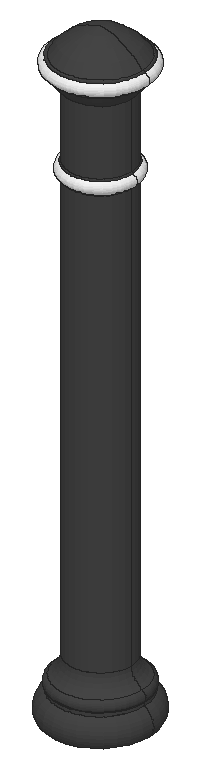
Revit family
Parameters
  Radius = 75 mm
  Material Bollard = Metal - Cast Iron
  Keynote = "Q"
  Height = 1000 mm
  Bollard Diameter = Radius * 2  # 150 mm
Reference planes
  plane 1 "Center (Front/Back)": y = -4.211
  plane 2: z = 0
  plane 3 "Center (Left/Right)": x = -4.546
  plane 4: y = 45.789
  plane 5: y = -54.211
  plane 6: x = -54.546
  plane 7: x = 45.454
  plane 8: z = 1000
Forms (mm)
  Revolve 1, solid, material "Metal - Cast Iron" <- "Material Bollard"
    sketch origin (0, -4.211, 0) x (1, 0, 0) y (0, 0, 1)
      loop
        arc (-4.546, 993.721) -> (-42.453, 980.6) -> (-71.835, 953.289) r 97.208
        arc (-71.835, 953.289) -> (-74.381, 953.406) -> (-75.706, 951.229) r 2.5
        arc (-75.706, 951.229) -> (-83.228, 941.541) -> (-75.706, 931.853) r 10
        arc (-75.706, 931.853) -> (-74.971, 930.112) -> (-73.228, 929.382) r 2.5
        arc (-73.228, 929.382) -> (-64.794, 916.99) -> (-54.402, 906.188) r 89.06
        line (-54.402, 906.188) -> (-54.402, 801.91)
        arc (-54.402, 801.91) -> (-55.789, 801.159) -> (-56.281, 799.662) r 2.133
        arc (-56.281, 799.662) -> (-63.245, 790.127) -> (-56.281, 780.592) r 10.01
        arc (-56.281, 780.592) -> (-55.789, 779.094) -> (-54.402, 778.344) r 2.133
        line (-54.402, 778.344) -> (-54.402, 91.399)
        arc (-54.402, 91.399) -> (-59.122, 74.459) -> (-71.609, 62.076) r 34.34
        arc (-71.609, 62.076) -> (-76.801, 55.343) -> (-75.71, 46.911) r 11.107
        line (-75.71, 46.911) -> (-74.83, 45.31) -> (-74.83, 40.31)
        arc (-74.83, 40.31) -> (-88.948, 22.387) -> (-84.546, 0) r 27.324
        line (-84.546, 0) -> (-4.546, 0) -> (-4.546, 993.721)
      axis (-4.546, 993.721) -> (-4.546, 0)
    angle from 0 to 360
